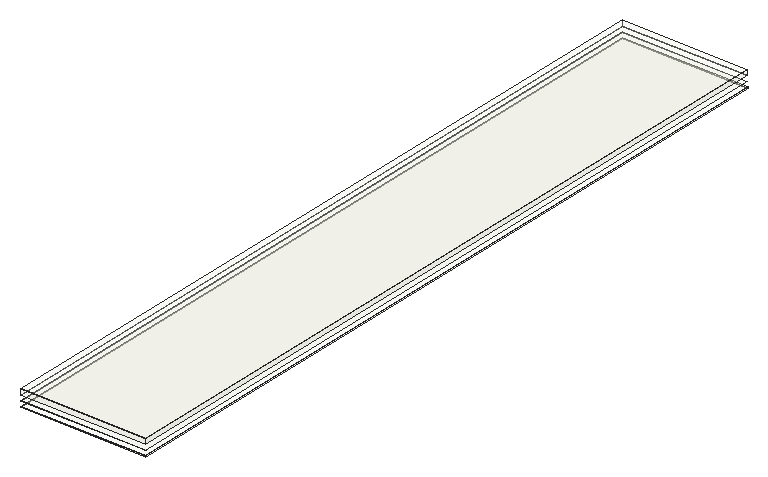
Revit family "BMDS_FAIR_Trilite Ultra 36 Energysaver (1)", category Windows, host Face, Revit 2015
Parameters (values of type "ES 1.9")
  Width = 1000 mm
  WeightOuter = 3.66 kg/m²  # constant formula
  WeightInner = 1.83 kg/m²  # constant formula
  WarrantyStartDate [instance] = "1900-12-31T23:59:59"
  WarrantyGuarantorParts = "n/a"
  WarrantyGuarantorLabour = "n/a"
  WarrantyDurationUnit = "year"
  WarrantyDurationParts = "n/a"
  WarrantyDurationLabour = "n/a"
  WarrantyDescription = "n/a"
  Visual Light Transmittance = VisibleLightTransmittance  # 0.6
  VisibleLightTransmittance = 0.6
  VisibleLightReflectance = 0
  Version = "1.0"
  Uniclass2 = "Pr_30_59_72_30"
  UV Protection = "Superlife™ surface protection and UV stabilised resin system to protect against discolourationand degradation to prevent significant discolouration for at least 20 years. Performance proven by accelerated weathering test showing delta E less than 10 and light transmission reduced  by less than 12% after 3000 hours exposure to QUV testing, comprising cycles of 4 hours of UVA340nm at 60°C and 4 hours condensation at 40°C."  # constant formula
  URL = "http://www.brettmartin.com/en-gb/daylight-systems/about-us.aspx"
  TotalSolarTransmittance (GValue) = 0.55
  ThermalTransmittanceWinter = 0
  ThermalTransmittanceSummer = 0
  ThermalTransmittance = 1.9
  TagNumber [instance] = "n/a"
  SystemManufacturer = Manufacturer  # "Brett Martin Daylight Systems Ltd"
  SustainabilityPerformance = "n/a"
  SolarTransmittance = 0
  SolarReflectance = 0
  SolarHeatGainTransmittance = 0
  SolarAbsorption = 0
  SmokeStop = no
  Size = ""
  Shape = "Corrugated"  # constant formula
  ShadingCoefficient = 0.63
  SeviceLifeDuration = 30  # constant formula
  SerialNumber [instance] = "n/a"
  SecurityRating = "n/a"
  Rough Width = Width  # 1000 mm
  Rough Height = Height  # 135 mm
  Rooflight Outer = Rooflight Outer : Trilite Ultra 36 GRP
  Rooflight Liner = Rooflight Liner : Trilite FAIR liner
  Rooflight Imtermediate = Rooflight Intermediate : Energysaver Membrane
  Roof Thickness = 400 mm
  ReplacementCost = "n/a"
  Reflectivity = 0
  Reference = "n/a"
  ProfileName = ""
  Process = "Replacement at service life intervals"
  PredefinedType = "BrettMartin_T36_Energysaver_FAIR_1000_135"  # constant formula
  Perimeter = Length * 2 + Width * 2  # 14000 mm
  O&MManual = "BMDS COSHH 02 - GRP FAIRs"  # constant formula
  NominalWidth = Width  # 1000 mm
  NominalLength = Length  # 6000 mm
  NominalHeight = Height  # 135 mm
  NetVolume = 135.00 m³
  Name = "RooflightSystem_FAIR_BMDS"
  NBSReference = "20-25-75/170"
  NBSDescription = "Rooflight system"
  ModelReference = "FAIR"
  ModelNumber = "n/a"
  ModelLabel = PredefinedType  # "BrettMartin_T36_Energysaver_FAIR_1000_135"
  MethodOfMeasurement = PredefinedType  # "BrettMartin_T36_Energysaver_FAIR_1000_135"
  Material = "GRP"  # constant formula
  ManufacturerURL = "http://www.brettmartin.com"
  Manufacturer = "Brett Martin Daylight Systems Ltd"  # constant formula
  Length = 6000 mm
  Layername = "BrettMartin_T36_Energysaver_FAIR"
  IsWired = no
  IsTempered = no
  IsLaminated = no
  IsExternal = yes
  IsCoated = no
  Intermediate Position = 50 mm
  InstallationInstructions = "To be fully fixed in accordance with BMDS Technical Bulletin 124."  # constant formula
  InstallationDate [instance] = "1900-12-31T23:59:59"
  Infiltration = 0
  IfcExportType = "SKYLIGHT"
  IfcExportAs = "IfcWindowStyle"
  Height = 135 mm
  GrossVolume = NominalLength * NominalWidth * NominalHeight  # 0.81 m³
  GrossArea = NominalLength * NominalWidth  # 6.00 m²
  Grade = "n/a"
  GlazingAreaFraction = 0
  GlassThickness3 = 0 mm
  GlassThickness2 = 0 mm
  GlassThickness1 = 0 mm
  GlassLayers = 0
  GlassColour = "n/a"
  FragilityClass = "To be Class B non-fragile to ACR[M]001 and to withstand loads typical of accidental foot traffic or a falling person without failure, when fully fixed.  Expected period of non-fragility to be 25 years, in accordance with NARM Technical Document NTD03."  # constant formula
  FireRating = "Outer- SAB (to BS476 Pt3). Inner-Class 1 (to BS476 Pt7) [alternative fire ratings available]"  # constant formula
  Finish = "n/a"
  FillGas = "n/a"
  Features = "Various layer options"
  FFactor = 0.8
  ExpectedLife = "30 Years"
  DurationUnit = "year"
  Documentation = "http://www.brettmartin.com/en-gb/daylight-systems/about-us.aspx"
  DocumentReference = "http://www.brettmartin.com/en-gb/daylight-systems/about-us.aspx"
  Description = Construction Type  # "Trilite_Energysaver_FAIR"
  Default Elevation = 0 mm
  Construction Type = "Trilite_Energysaver_FAIR"
  Constituents = "n/a"
  Color = "Natural clear translucent"
  CodePerformance = "n/a"
  Category = "n/a"
  BeamRadiationTransmittance = 0
  BarCode [instance] = "n/a"
  BREGreenGuideRating = "TBC"
  BRECertifiedEnvironmentalProfileEmbodiedCarbon = 0.00 kg/m²
  BREApprovedEnvironmentalProfileEcopointScore = 0
  BIMObjectName = "BrettMartin_RooflightSystem_FAIR"  # constant formula
  BBACertificateNo = "04/4114"  # constant formula
  Author = "BMDS"  # constant formula
  AssetType = "Fixed"
  AssetIdentifier [instance] = "n/a"
  AcousticRating = "30 dB (approx sound attenuation)"  # constant formula
  AccessibilityPerformance = "n/a"
Types (5, lengths in mm): name | Visual Light Transmittance | VisibleLightTransmittance | TotalSolarTransmittance (GValue) | ThermalTransmittance | SolarReflectance | ShadingCoefficient | Rooflight Imtermediate
  (no name) | 0.6 | 0.6 | 0.55 | 1.9 | 0 | 0.63 | Rooflight Intermediate : Energysaver Membrane
  ES 1.9 | 0.6 | 0.6 | 0.55 | 1.9 | 0 | 0.63 | Rooflight Intermediate : Energysaver Membrane
  ES 1.3 | 0.55 | 0.55 | 0.51 | 1.3 | 0 | 0.58 | Rooflight Intermediate : 1 x Cleartherm
  ES 1.0 | 0.49 | 0.49 | 0.45 | 1 | 9 | 0.52 | Rooflight Intermediate : 2 x Cleartherm (No Gap)
  ES 0.9 | 0.49 | 0.49 | 0.43 | 0.9 | 0 | 0.49 | Rooflight Intermediate : 2 x Cleartherm (Gap)
Reference planes
  plane 1 "Center (Front/Back)": y = 0
  plane 2: z = 0
  plane 3 "Center (Left/Right)": x = 0
  plane 4: x = -500
  plane 5: x = 500
  plane 6: y = -3000
  plane 7: y = 3000
  plane 8: z = -400
  plane 9: z = -85
  plane 10 "Inner": z = -135
Forms (mm)
  Extrusion 1, void
    sketch origin (0, 0, 0) x (1, 0, 0) y (0, 1, 0)
      loop
        line (-500, 3000) -> (-500, -3000) -> (500, -3000) -> (500, 3000) -> (-500, 3000)
    from -400 to 0
Lines and regions (mm)
  model lines, style "WindowsGlassProjection"
    curve 1: line (-166.667, 3000, 0) -> (-166.667, -3000, 0)
    curve 2: line (166.667, 3000, 0) -> (166.667, -3000, 0)
Dimensions and locks
  equal spacing: plane 7, plane 1 "Center (Front/Back)", plane 6
  "Length": plane 7 to plane 6
  equal spacing: plane 4, plane 3 "Center (Left/Right)", plane 5
  "Width": plane 4 to plane 5
  "Roof Thickness": plane 2 to plane 8
  "Height": plane 2 to plane 10 "Inner"
  "Intermediate Position": plane 9 to plane 10 "Inner"
  equal spacing: plane 4, curve 1, curve 2, plane 5
  aligned and locked: plane 2 to host face
  aligned and locked: level to host face
  aligned and locked: Extrusion 1 sketch curve to plane 7
  aligned and locked: Extrusion 1 sketch curve to plane 5
  aligned and locked: plane 6 to Extrusion 1 sketch curve
  aligned and locked: Extrusion 1 to plane 8
  aligned and locked: Extrusion 1 to plane 2
  aligned and locked: nested 1 to plane 3 "Center (Left/Right)"
  aligned and locked: nested 1 to plane 1 "Center (Front/Back)"
  aligned and locked: plane 1 "Center (Front/Back)" to nested 2
  aligned and locked: nested 2 to plane 3 "Center (Left/Right)"
  aligned and locked: plane 9 to nested 2
  aligned and locked: nested 3 to plane 3 "Center (Left/Right)"
  aligned and locked: plane 1 "Center (Front/Back)" to nested 3
  aligned and locked: nested 1 to plane 10 "Inner"
  aligned and locked: plane 6 to curve 2
  aligned and locked: plane 6 to curve 1
  aligned and locked: plane 7 to curve 2
  aligned and locked: plane 7 to curve 1
Automatic sketch dimensions
  host sketch curve to host sketch curve = 3034.609 mm
  host sketch curve to host sketch curve = 7650.986 mm
  plane 4 to Extrusion 1 sketch curve = 0 mm
Nested families
  nested 1: "Rooflight Liner" at (0, 0, -125) x (-1, 0, 0) z (0, 0, 1), Length <- "Length", Width <- "Width", type "Trilite FAIR liner"
    with Width 1000 mm, Length 6000 mm, Thickness 10 mm
  nested 2: "Rooflight Intermediate" at (0, 0, -85), Width <- "Width", Length <- "Length", type <- "Rooflight Imtermediate", type "Energysaver Membrane"
    with Width 1000 mm, Length 6000 mm
  nested 3: "Rooflight Outer" at (0, 0, 0), Width <- "Width", Length <- "Length", type <- "Rooflight Outer", type "Trilite Ultra 36 GRP"
    with Width 1000 mm, Length 6000 mm, Thickness 45.017 mm
Definition of nested family "Rooflight Liner"
  Parameters
    Width [instance] = 1000 mm
    Thickness = 45.017 mm
    Rooflight Liner = none
    Length [instance] = 1000 mm
  Reference planes
    plane 1 "Center (Front/Back)": y = 0
    plane 2: z = 0
    plane 3 "Center (Left/Right)": x = 0
    plane 4: x = -500
    plane 5: x = 500
    plane 6: y = 500
    plane 7: y = -500
    plane 8: z = -45.017
  Forms (mm)
    Extrusion 1, solid, material <- "Rooflight Liner"
      sketch origin (0, 0, 0) x (1, 0, 0) y (0, 1, 0)
        loop
          line (-500, 500) -> (-500, -500) -> (500, -500) -> (500, 500) -> (-500, 500)
      from -45.017 to 0
  Dimensions and locks
    equal spacing: plane 7, plane 1 "Center (Front/Back)", plane 6
    "Length": plane 7 to plane 6
    equal spacing: plane 4, plane 3 "Center (Left/Right)", plane 5
    "Width": plane 4 to plane 5
    "Thickness": plane 2 to plane 8
    aligned and locked: level to plane 2
    aligned and locked: Extrusion 1 to plane 8
  Automatic sketch dimensions
    Extrusion 1 sketch curve to plane 4 = 0 mm
    Extrusion 1 sketch curve to plane 5 = 0 mm
    plane 7 to Extrusion 1 sketch curve = 0 mm
    plane 6 to Extrusion 1 sketch curve = 0 mm
Definition of nested family "Rooflight Intermediate"
  Parameters
    Width [instance] = 1000 mm
    Thickness = 5 mm
    Length [instance] = 1000 mm
    Intermediate Material = none
  Reference planes
    plane 1 "Center (Front/Back)": y = 0
    plane 2: z = 0
    plane 3 "Center (Left/Right)": x = 0
    plane 4: x = -500
    plane 5: x = 500
    plane 6: y = 500
    plane 7: y = -500
    plane 8: z = -5
  Forms (mm)
    Extrusion 1, solid, material <- "Intermediate Material"
      sketch origin (0, 0, 0) x (1, 0, 0) y (0, 1, 0)
        loop
          line (-500, 500) -> (-500, -500) -> (500, -500) -> (500, 500) -> (-500, 500)
      from -5 to 0
  Dimensions and locks
    equal spacing: plane 7, plane 1 "Center (Front/Back)", plane 6
    "Length": plane 7 to plane 6
    equal spacing: plane 4, plane 3 "Center (Left/Right)", plane 5
    "Width": plane 4 to plane 5
    "Thickness": plane 2 to plane 8
    aligned and locked: level to plane 2
    aligned and locked: Extrusion 1 to plane 8
  Automatic sketch dimensions
    Extrusion 1 sketch curve to plane 4 = 0 mm
    Extrusion 1 sketch curve to plane 5 = 0 mm
    plane 7 to Extrusion 1 sketch curve = 0 mm
    plane 6 to Extrusion 1 sketch curve = 0 mm
Definition of nested family "Rooflight Outer"
  Parameters
    Width [instance] = 1000 mm
    Thickness = 10 mm
    Rooflight Outer = none
    Length [instance] = 1000 mm
  Reference planes
    plane 1 "Center (Front/Back)": y = 0
    plane 2: z = 0
    plane 3 "Center (Left/Right)": x = 0
    plane 4: x = -500
    plane 5: x = 500
    plane 6: y = 500
    plane 7: y = -500
    plane 8: z = -10
  Forms (mm)
    Extrusion 1, solid, material <- "Rooflight Outer"
      sketch origin (0, 0, 0) x (1, 0, 0) y (0, 1, 0)
        loop
          line (-500, 500) -> (-500, -500) -> (500, -500) -> (500, 500) -> (-500, 500)
      from -10 to 0
  Dimensions and locks
    equal spacing: plane 7, plane 1 "Center (Front/Back)", plane 6
    "Length": plane 7 to plane 6
    equal spacing: plane 4, plane 3 "Center (Left/Right)", plane 5
    "Width": plane 4 to plane 5
    "Thickness": plane 2 to plane 8
    aligned and locked: level to plane 2
    aligned and locked: Extrusion 1 to plane 8
  Automatic sketch dimensions
    Extrusion 1 sketch curve to plane 4 = 0 mm
    Extrusion 1 sketch curve to plane 5 = 0 mm
    plane 7 to Extrusion 1 sketch curve = 0 mm
    plane 6 to Extrusion 1 sketch curve = 0 mm
